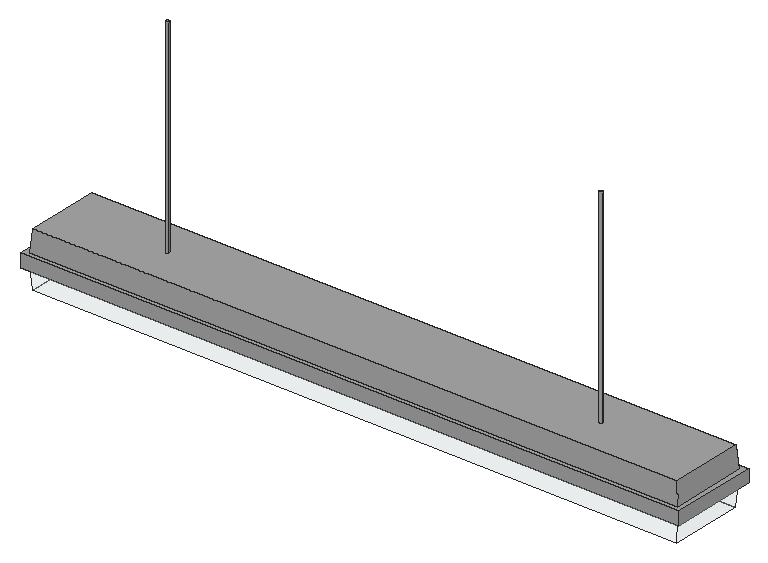
Revit family "Certus LED - Generic", category Lighting Fixtures, Revit 2014
Parameters (values of type "Certus 36W / 49W LED")
  Wattage Comments = ""
  WarrantyGuarantorParts = "n/a"
  WarrantyDurationParts = "n/a"
  WarrantyDescription = "n/a"
  Visible [instance] = yes
  Version = "v.1.0"
  Uniclass2 = "Pr_70_70_49_43 Light-Emitting Diode (LED) Luminaires"
  Uniclass 1.4 = "JY73"
  URL = "http://riegens.com/certus-led"
  Type Mark = ""
  TotalWattage = "Max. 36W / 49W"
  Tilt Angle = 90.00°
  TagNumber = "n/a"
  Switch ID [instance] = ""
  SustainabilityPerformance = "n/a"
  SupplyCircuitConductorConnections = "n/a"
  Spot Field Angle = 90.00°
  Spot Beam Angle = 30.00°
  Size = "108 x 1274 x 169 mm"
  Shape = "Rectangle"
  ProductInformation = "http://riegens.com/certus-led"
  PhotometricPerformance = "In accordance with BS EN 13032-1"
  PhaseReference = "IEC recommendations"
  Panel [instance] = ""
  Optic = "Direct: Profiled clear front cover"
  OmniClass Title = "Luminaries for Internal Lighting"
  OmniClass Number = "23.80.70.11"
  Offset from ceiling = 400 mm
  NominalVoltage = "220-240V"
  Moves With Nearby Elements [instance] = no
  ModelReference = "Certus LED 36W / 49W LED.rfa"
  Model = "Certus 36W / 49W LED"
  Material = "Glassfibre polyester reinforced, Acrylic or PC and Stainless steel."
  Mark [instance] = "1"
  ManufacturersSpecificInformation = "n/a"
  ManufacturerURL = "www.riegens.com"
  Manufacturer = "Riegens A/S"
  LuminaireType = "Surface or Suspended Direct LED Luminaire"
  LuminairePowerFactor = ">0,9"
  LightSource = "LED 4000K"
  LightFixturePlacingType = "Ceiling"
  LightFixtureMountingType = "Surface or Suspended"
  Light Source Symbol Length = 3048 mm
  Light Source Definition (family) = "Line+Spot"
  LampType = "LED"
  LampRating = "36W / 49W"
  LampColourRenderingIndex = "Ra>80"
  Lamp = ""
  InternalFuse = "Only required in emergency versions"
  InsulationStandardClass = "Class 1"
  IfcExportType = "NOTDEFINED'"
  IfcExportAs = "IfcLightFixtureType'"
  IP_Code = "IP65"
  Height 1 = 108 mm
  HasProtectiveEarth = "TRUE"
  Grade = "n/a"
  Frame Width = 1274 mm
  Frame Depth = 169 mm
  Frame = Riegens_Steel_Powder coated dark grey texture
  Fp = 840 mm
  Finish = "Glassfibre and acrylic or polycarbonate."
  Features = "n/a"
  Emit from Line Length = 1274 mm
  Electrical Data [instance] = ""
  Documentation = "See URL hyperlink"
  DocumentReference = "See URL hyperlink"
  Description = "70-80-35 General Lighting Systems"
  ControlGearPosition = "Integrated "
  Constituents = "n/a"
  Comments [instance] = ""
  Colour = "Grey backcover and stainless steel clips."
  built-in parameter 1114216 [instance] = (empty or 0)
  CodePerformance = "n/a"
  Clearance Zones = yes
  Circuit Number [instance] = ""
  built-in parameter 1140040 [instance] = (empty or 0)
  CCSTopnode = "L"
  CCSClassName = "Belysningsarmatur"
  CCSClassCode = "UAC"
  BarCode = "n/a"
  BallastsCELMAEnergyEfficiencyIndex = "Class A1/A2"
  BSAB 96 = "SNB.2"
  BIMObjectName = "Certus LED 36W / 49W LED.rfa"
  Author = "3dbyggeri"
  AssetType = "Moveable/Fixed"
  AssetIdentifier = "n/a"
  Assembly Description = ""
  Assembly Code = ""
  ArticleNumber = "See URL hyperlink"
  Apparent Load = 240 VA
  AccessibilityPerformance = "n/a"
Types (2, lengths in mm): name | TotalWattage | Size | ModelReference | Model | Light Source Symbol Length | LampRating | Frame Width | Fp | Emit from Line Length | BIMObjectName
  Certus 60W LED | "Max. 60W" | "108 x 1574 x 169 mm" | "Certus LED 60W LED" | "Certus 60W LED" | 1574 | "60W" | 1574 | 1140 | 1574 | "Certus LED 60W LED.rfa"
  Certus 36W / 49W LED | "Max. 36W / 49W" | "108 x 1274 x 169 mm" | "Certus LED 36W / 49W LED.rfa" | "Certus 36W / 49W LED" | 3048 | "36W / 49W" | 1274 | 840 | 1274 | "Certus LED 36W / 49W LED.rfa"
Reference planes
  plane 1 "Center (Front/Back)": y = 0
  plane 2: z = 0
  plane 3 "Center (Left/Right)": x = 0
  plane 4: z = 3625
Dimensions and locks
  plane 4 to nested 1 = 91.5 mm
  aligned and locked: level to plane 2
Nested families
  nested 1: "Certus LED-Dummy" at (0, 0, 0) x (0, -1, 0) z (0, 0, 1), type "Standard"
Definition of nested family "Certus LED-Dummy"
  Parameters (values of type "Standard")
    Wattage = 49 W
    built-in parameter 1150110 = 1 (stored number, unit not read)
    URL = ""
    built-in parameter 1114217 = 1 (stored number, unit not read)
    Tilt Angle = 90.00°
    built-in parameter 1150109 = 1 (stored number, unit not read)
    built-in parameter 1150134 = 12
    built-in parameter 1150113 = 1 (stored number, unit not read)
    PhotometricPerformance = "In accordance with BS EN 13032-1"
    Photometric Web File = "Certus LED 49W 4000K Prismatic diffuser PMMA IP65.ies"
    Optic = "Direct: Profiled clear front cover"
    Offset from ceiling = 400 mm
    Model = ""
    Material = "Glassfibre polyester reinforced, Acrylic or PC and Stainless steel."
    Manufacturer = ""
    built-in parameter 1150105 = 413.33 (stored number, unit not read)
    Lumens = 5194 lm
    built-in parameter 1150115 = 1 (stored number, unit not read)
    LightSource = "LED 4000K"
    built-in parameter 1150137 = (empty or 0)
    built-in parameter 1150139 = (empty or 0)
    LampColourRenderingIndex = "Ra>80"
    built-in parameter 1150112 = 1 (stored number, unit not read)
    built-in parameter 1150114 = 1 (stored number, unit not read)
    built-in parameter 1150132 = (empty or 0)
    built-in parameter 1150102 = (empty or 0)
    built-in parameter 1150107 = 4000 (stored number, unit not read)
    built-in parameter 1150138 = (empty or 0)
    built-in parameter 1150106 = 4.1333 (stored number, unit not read)
    Height 1 = 108 mm
    Frame Width = 1274 mm
    Frame Depth = 169 mm
    Frame = Riegens_Glass_polyester mat
    Fp = 840 mm
    Finish = "Glassfibre and acrylic or polycarbonate."
    built-in parameter 1150104 = 9.8477 (stored number, unit not read)
    Dimming Lamp Color Temperature Shift = (empty or 0)
    Description = ""
    Colour = "Grey backcover and stainless steel clips."
    Color Filter = 16777215
    built-in parameter 1114218 = 1 (stored number, unit not read)
    built-in parameter 1150133 = 10 (stored number, unit not read)
    Apparent Load = 240 VA
  Reference planes
    plane 1 "Light Source Axis (F/B)": y = 0
    plane 2: z = 0
    plane 3 "Light Source Axis (L/R)": x = 0
    plane 4 "Ceiling": z = 4000
    plane 5 "Light Source Elevation": z = 3533.5
    plane 6: z = 3492
    plane 7: z = 3600
    plane 8: y = 637
    plane 9: y = -637
    plane 10: x = 84.5
    plane 11: x = -84.5
    plane 12: z = 3533.5
    plane 13: y = 627
    plane 14: y = 623.369
    plane 15: y = -623.369
    plane 16: y = -627
    plane 17: x = 74.5
    plane 18: x = 70.869
    plane 19: x = -70.869
    plane 20: x = -74.5
    plane 21: z = 3558.5
    plane 22: y = -420
    plane 23: y = 420
  Forms (mm)
    Extrusion 1, solid, material "Riegens_Aluminum_powder coated grey"
      sketch origin (0, 0, 4000) x (0, 1, 0) y (-1, 0, 0)
        loop
          line (637, 84.5) -> (-637, 84.5) -> (-637, -84.5) -> (637, -84.5) -> (637, 84.5)
      from -466.5 to -441.5
    Blend 2, solid, material "Riegens_Glass_opal"
      base sketch origin (0, 0, 4000) x (0, 1, 0) y (-1, 0, 0)
        loop
          line (627, 74.5) -> (-627, 74.5) -> (-627, -74.5) -> (627, -74.5) -> (627, 74.5)
      top sketch origin (0, 0, 4000) x (0, 1, 0) y (-1, 0, 0)
        loop
          line (623.369, 70.869) -> (-623.369, 70.869) -> (-623.369, -70.869) -> (623.369, -70.869) -> (623.369, 70.869)
      from -466.5 to -508
    Blend 3, solid, material "Riegens_Aluminum_powder coated grey"
      base sketch origin (0, 0, 4000) x (0, 1, 0) y (-1, 0, 0)
        loop
          line (627, 74.5) -> (-627, 74.5) -> (-627, -74.5) -> (627, -74.5) -> (627, 74.5)
      top sketch origin (0, 0, 4000) x (0, 1, 0) y (-1, 0, 0)
        loop
          line (-623.369, 70.869) -> (-623.369, -70.869) -> (623.369, -70.869) -> (623.369, 70.869) -> (-623.369, 70.869)
      from -441.5 to -400
    Extrusion 4, solid, material "Riegens_Aluminum_powder coated grey"
      sketch origin (0, 0, 4000) x (0, 1, 0) y (-1, 0, 0)
        loop
          circle (-420, 0) r 3
      from -400 to 0
    Extrusion 5, solid, material "Riegens_Aluminum_powder coated grey"
      sketch origin (0, 0, 4000) x (0, 1, 0) y (-1, 0, 0)
        loop
          circle (420, 0) r 3
      from -400 to 0
  Dimensions and locks
    equal spacing: host sketch curve, plane 3 "Light Source Axis (L/R)", host sketch curve
    equal spacing: host sketch curve, plane 1 "Light Source Axis (F/B)", host sketch curve
    host sketch curve to host sketch curve = 4000 mm  (x2)
    locked: plane 4 "Ceiling" to host ceiling at 0
    "Height 1": plane 6 to plane 7
    "Offset from ceiling": plane 7 to plane 4 "Ceiling"
    equal spacing: plane 8, plane 1 "Light Source Axis (F/B)", plane 9
    "Frame Width": plane 9 to plane 8
    equal spacing: plane 11, plane 3 "Light Source Axis (L/R)", plane 10
    "Frame Depth": plane 11 to plane 10
    locked: plane 12 to plane 7 at 66.5
    locked: plane 9 to plane 16 at 10
    locked: plane 15 to plane 16 at 3.631
    locked: plane 13 to plane 14 at 3.631
    locked: plane 8 to plane 13 at 10
    locked: plane 11 to plane 20 at 10
    locked: plane 17 to plane 10 at 10
    locked: plane 20 to plane 19 at 3.631
    locked: plane 18 to plane 17 at 3.631
    locked: plane 12 to plane 21 at 25
    locked: plane 9 to plane 22 at 217
    locked: plane 8 to plane 23 at 217
    aligned and locked: Extrusion 1 sketch curve to plane 9
    aligned and locked: Extrusion 1 sketch curve to plane 10
    aligned and locked: Extrusion 1 sketch curve to plane 11
    aligned and locked: Extrusion 1 sketch curve to plane 8
    aligned and locked: plane 12 to Extrusion 1
    aligned and locked: plane 16 to Blend 2 sketch curve
    aligned and locked: Blend 2 sketch curve to plane 17
    aligned and locked: plane 20 to Blend 2 sketch curve
    aligned and locked: Blend 2 sketch curve to plane 13
    aligned and locked: Blend 2 sketch curve to plane 18
    aligned and locked: plane 15 to Blend 2 sketch curve
    aligned and locked: plane 19 to Blend 2 sketch curve
    aligned and locked: Blend 2 sketch curve to plane 14
    aligned and locked: plane 12 to Blend 2
    aligned and locked: Blend 2 to plane 6
    aligned and locked: Extrusion 1 to plane 21
    aligned and locked: plane 16 to Blend 3 sketch curve
    aligned and locked: Blend 3 sketch curve to plane 17
    aligned and locked: Blend 3 sketch curve to plane 13
    aligned and locked: plane 20 to Blend 3 sketch curve
    aligned and locked: plane 18 to Blend 3 sketch curve
    aligned and locked: plane 14 to Blend 3 sketch curve
    aligned and locked: Blend 3 sketch curve to plane 19
    aligned and locked: Blend 3 sketch curve to plane 15
    aligned and locked: plane 21 to Blend 3
    aligned and locked: Blend 3 to plane 7
    aligned and locked: plane 7 to Extrusion 4
    aligned and locked: Extrusion 4 to plane 4 "Ceiling"
    aligned and locked: plane 7 to Extrusion 5
    aligned and locked: Extrusion 5 to plane 4 "Ceiling"
    aligned and locked: imposter light to Extrusion 1
  Automatic sketch dimensions
    Extrusion 4 sketch curve to plane 3 "Light Source Axis (L/R)" = 0 mm
    Extrusion 4 sketch curve to plane 22 = 0 mm
    Extrusion 5 sketch curve to plane 3 "Light Source Axis (L/R)" = 0 mm
    Extrusion 5 sketch curve to plane 23 = 0 mm
    radius of Extrusion 4 sketch curve = 3 mm
    radius of Extrusion 5 sketch curve = 3 mm
  Connectors
    electrical at (0, 625.185, 3579.25)
      settings: on Blend 3, index 1, voltage 0 V, apparent load 0 VA, apparent load phase1 0 VA, apparent load phase2 0 VA, apparent load phase3 0 VA, power factor 1, load classification "Other", number of poles 1, system type 31, power factor state 1, is connector primary yes, connector utility no, sub classification motor no, connector description ""
